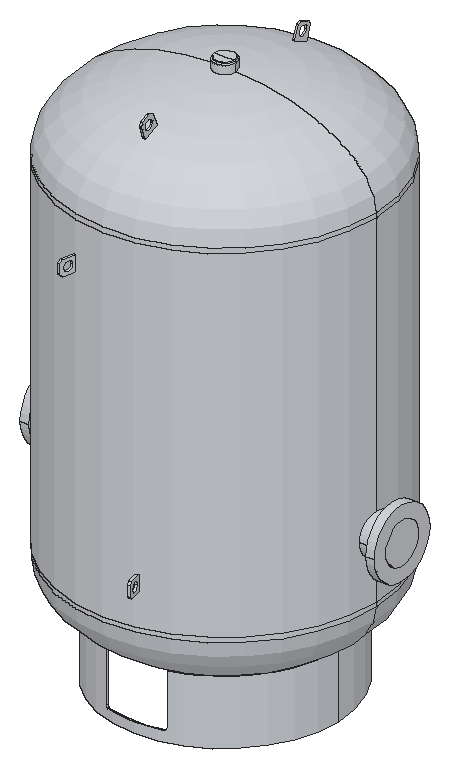
Revit family "CWBT1040-8-125", category Mechanical Equipment, Revit 2014
Parameters (values of type "CWBT1040-8-125")
  Tank Weight = "3136 lbs"
  Tank Volume = "1040 Gal"
  Tank Height = "107 7/8\""
  Tank Diameter = "60\""
  Note = "All dimensions and weights are approximate"
  Maximum Acceptance Volume = "N/A"
  Max Operating Temp = "450°  F"
  Max Operating Pressure = "125 psi"
  Connector Size = "8\""
Types (3): name | Tank Weight | Tank Volume | Tank Height | Tank Diameter | Maximum Acceptance Volume | Max Operating Temp | Max Operating Pressure | Connector Size
  (no name) | "3136 lbs" | "1040 Gal" | "107 7/8\"" | "60\"" | "N/A" | "450°  F" | "125 psi" | "8\""
  CWBT120-3 | "" | "" | "" | "" | "" | "" | "" | ""
  CWBT1040-8-125 | "3136 lbs" | "1040 Gal" | "107 7/8\"" | "60\"" | "N/A" | "450°  F" | "125 psi" | "8\""
Reference planes (in)
  plane 1 "Center (Front/Back)": y = 0
  plane 2: z = 0
  plane 3 "Center (Left/Right)": x = 0
Forms (in)
  Extrusion 1, solid
    sketch origin (0, 0, 0) x (0, 1, 0) y (0, 0, 1)
      loop
        circle (0, 36) r 3.9905
    from 0 to 35
  Extrusion 2, solid
    sketch origin (0, 0, 0) x (0, 1, 0) y (0, 0, 1)
      loop
        circle (0, 36) r 3.9905
    from 0 to -35
  Extrusion 3, solid
    sketch origin (0, 0, 0) x (0, 1, 0) y (0, 0, 1)
      loop
        circle (0, 36) r 6.75
    from -33.25 to -35
  Extrusion 4, solid
    sketch origin (0, 0, 0) x (0, 1, 0) y (0, 0, 1)
      loop
        circle (0, 36) r 6.75
    from 33.25 to 35
  Extrusion 5, solid
    sketch origin (0, 0, 0) x (1, 0, 0) y (0, 1, 0)
      loop
        circle (0, 0) r 22.50001
      loop
        circle (0, 0) r 22.24996
    from 0 to 12.75
  Extrusion 6, void
    sketch origin (0, 0, 0) x (1, 0, 0) y (0, 0, 1)
      loop
        line (-6, 12.75) -> (-6, 2.5)
        arc (-6, 2.5) -> (-5.85355, 2.14645) -> (-5.5, 2) r 0.5
        line (-5.5, 2) -> (5.5, 2)
        arc (5.5, 2) -> (5.85355, 2.14645) -> (6, 2.5) r 0.5
        line (6, 2.5) -> (6, 12.75) -> (-6, 12.75)
    from 0 to 23
  Revolve 7, solid
    sketch origin (0, 0, 0) x (1, 0, 0) y (0, 0, 1)
      loop
        line (0, 5.88508) -> (1.88951, 5.88508) -> (1.88951, 6.01008)
        arc (1.88951, 6.01008) -> (2.06629, 6.08331) -> (2.13951, 6.26008) r 0.25
        line (2.13951, 6.26008) -> (2.13951, 7.8167)
        spline (2.13951, 7.8167) -> (5.85211, 8.06929) -> (9.47346, 8.55367) -> (12.94709, 9.2623) -> (16.21884, 10.18413) -> (19.2377, 11.30477) -> (21.95659, 12.60677) -> (24.33313, 14.06981) -> (26.33024, 15.67109) -> (27.9168, 17.38564) -> (29.06807, 19.18671) -> (29.76609, 21.04624) -> (29.99998, 22.93522)
        line (29.99998, 22.93522) -> (29.99998, 23.90272) -> (29.99998, 91.77772) -> (29.99998, 92.74522)
        spline (29.99998, 92.74522) -> (29.76609, 94.6338) -> (29.06807, 96.49293) -> (27.9168, 98.29362) -> (26.33024, 100.0078) -> (24.33313, 101.60874) -> (21.95659, 103.07147) -> (19.2377, 104.37319) -> (16.21884, 105.49359) -> (12.94709, 106.41522) -> (9.47346, 107.1237) -> (5.85211, 107.60798) -> (2.13951, 107.86052)
        line (2.13951, 107.86052) -> (2.13951, 109.42036)
        arc (2.13951, 109.42036) -> (2.06629, 109.59714) -> (1.88951, 109.67036) r 0.25
        line (1.88951, 109.67036) -> (1.88951, 109.79536) -> (0, 109.79536) -> (0, 5.88508)
      axis (0, 109.79536) -> (0, 5.88508)
    angle from 0 to 360
  Extrusion 8, solid
    sketch origin (0, 0, 0) x (0, 1, 0) y (0, 0, 1)
      loop
        line (-18.0162, 107.56565) -> (-18.67387, 107.84481) -> (-20.52618, 107.11843) -> (-20.80534, 106.46076) -> (-19.89642, 104.14296) -> (-19.74143, 103.74772) -> (-16.9485, 104.84297) -> (-17.10349, 105.23821) -> (-18.0162, 107.56565)
      loop
        circle (-19.0524, 106.08516) r 1.00455
      loop
        line (18.66431, 107.84859) -> (18.01628, 107.56565) -> (17.10358, 105.23821) -> (16.87553, 104.65666) -> (19.66845, 103.56142) -> (19.89651, 104.14296) -> (20.80921, 106.4704) -> (20.52626, 107.11843) -> (18.66431, 107.84859)
      loop
        circle (19.04766, 106.08705) r 1
    from -0.1875 to 0.1875
  Extrusion 9, solid
    sketch origin (2.97483, -14.70432, -3.65076) x (-0.217304, 0.976104, 0) y (0, 0, 1)
      loop
        line (-14.96995, 36.86103) -> (-17.46995, 36.86103) -> (-17.96995, 36.36103) -> (-17.96995, 34.36103) -> (-17.46995, 33.86103) -> (-14.96995, 33.86103) -> (-14.96995, 36.86103)
      loop
        circle (-16.39156, 35.36103) r 1
    from -0.2511 to 0.23955
  Extrusion 10, solid
    sketch origin (-3.00759, -14.71206, 48.63129) x (0.215575, 0.976487, 0) y (0, 0, 1)
      loop
        line (-14.96995, 36.86103) -> (-17.46995, 36.86103) -> (-17.96995, 36.36103) -> (-17.96995, 34.36103) -> (-17.46995, 33.86103) -> (-14.96995, 33.86103) -> (-14.96995, 36.86103)
      loop
        circle (-16.39156, 35.36103) r 1
    from -0.2511 to 0.23955
Cuts and joins
  Extrusion 6 cuts Extrusion 5
Dimensions and locks (in)
  Extrusion 9 sketch curve to Extrusion 9 sketch curve = 1 1/2"  (x2)
  Extrusion 10 sketch curve to Extrusion 10 sketch curve = 1 1/2"  (x2)
  aligned and locked: level to plane 2
